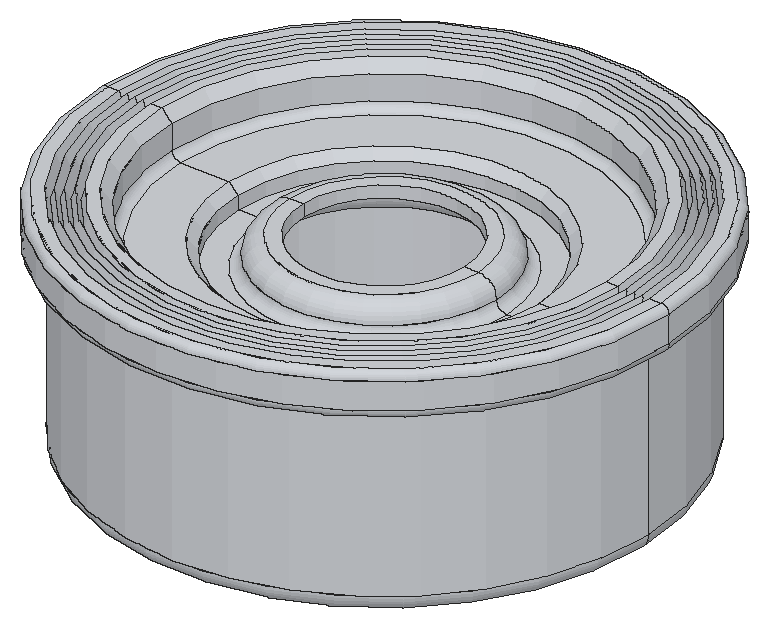
Revit family "Disc Check Valve R60WY000", category Plumbing Fixtures, Revit 2015
Reference planes
  plane 1 "Center (Front/Back)": y = 0
  plane 2: z = 0
  plane 3 "Center (Left/Right)": x = 0
  plane 4: x = -14.971
  plane 5: x = 20.003
  plane 6: x = -20
  plane 7: x = -11.423
  plane 8: x = 18.577
  plane 9: x = -7.5
  plane 10: x = 7.5
  plane 11: z = 16
Forms (mm)
  Revolve 1, solid
    sketch origin (0, 0, 3) x (1, 0, 0) y (0, 0, 1)
      loop
        line (-7.5, -0.026) -> (-9.214, -0.026)
        arc (-9.214, -0.026) -> (-9.499, -0.715) -> (-10.188, -1) r 0.974
        line (-10.188, -1) -> (-12.882, -1)
        arc (-12.882, -1) -> (-14.359, -0.388) -> (-14.971, 1.089) r 2.089
        line (-14.971, 1.089) -> (-14.971, 12.227) -> (-15.619, 13) -> (-16.417, 13) -> (-16.695, 12.22) -> (-16.972, 13) -> (-17.25, 12.22) -> (-17.528, 13) -> (-17.805, 12.22) -> (-18.083, 13) -> (-18.361, 12.22) -> (-18.639, 13) -> (-19.463, 13)
        arc (-19.463, 13) -> (-19.843, 12.843) -> (-20, 12.463) r 0.537
        line (-20, 12.463) -> (-20, 10.623)
        arc (-20, 10.623) -> (-19.818, 10.182) -> (-19.377, 10) r 0.623
        line (-19.377, 10) -> (-18.577, 10) -> (-18.577, -1.86)
        arc (-18.577, -1.86) -> (-18.327, -2.585) -> (-17.683, -3) r 1.173
        line (-17.683, -3) -> (-16.135, -3) -> (-15.857, -2.22) -> (-15.579, -3) -> (-15.302, -2.22) -> (-15.024, -3) -> (-14.746, -2.22) -> (-14.468, -3) -> (-14.191, -2.22) -> (-13.913, -3) -> (-13.635, -2.22) -> (-13.358, -3) -> (-13.08, -2.22) -> (-8.507, -2.22) -> (-7.5, -1.488) -> (-7.5, -0.026)
      axis (0, -3) -> (0, 13)
    angle from 0 to 360
  Revolve 2, solid
    sketch origin (0, 0, 3) x (1, 0, 0) y (0, 0, 1)
      loop
        line (-10.264, -1.006) -> (-10.264, 7.289) -> (-11.264, 7.289) -> (-11.264, 8.289) -> (-10.264, 8.289) -> (-10.264, 9.366) -> (-10.898, 10) -> (-14.351, 10)
        arc (-14.351, 10) -> (-14.757, 10.173) -> (-14.972, 10.559) r 0.678
        line (-14.972, 10.559) -> (-14.972, 0.784)
        arc (-14.972, 0.784) -> (-14.23, -0.5) -> (-12.837, -1.006) r 2.167
        line (-12.837, -1.006) -> (-10.264, -1.006)
      axis (0, -1.006) -> (0, 10.559)
    angle from 0 to 360
  Revolve 3, solid
    sketch origin (0, 0, 2.868) x (1, 0, 0) y (0, 0, 1)
      loop
        line (-11.264, 7.808) -> (-8.577, 7.808)
        arc (-8.577, 7.808) -> (-7.544, 8.22) -> (-7.078, 9.229) r 1.501
        arc (-7.078, 9.229) -> (-6.86, 9.599) -> (-6.455, 9.745) r 0.633
        line (-6.455, 9.745) -> (-5.672, 9.745) -> (-5.672, 10.581) -> (-6.615, 10.581)
        arc (-6.615, 10.581) -> (-7.506, 10.212) -> (-7.875, 9.31) r 1.261
        arc (-7.875, 9.31) -> (-8.081, 8.814) -> (-8.577, 8.608) r 0.701
        line (-8.577, 8.608) -> (-11.264, 8.608) -> (-11.264, 7.808)
      axis (0, 7.808) -> (0, 10.581)
    angle from 0 to 360
  Revolve 4, solid
    sketch origin (0, 0, -1.014) x (1, 0, 0) y (0, 0, 1)
      loop
        arc (-9.844, 4.789) -> (-10.244, 4.389) -> (-9.844, 3.989) r 0.4
        line (-9.844, 3.989) -> (-9.034, 3.989) -> (-9.034, 3.186) -> (-7.093, 3.186) -> (-7.093, 4.126) -> (0, 4.126) -> (0, 5.047) -> (-7.093, 5.047) -> (-7.898, 4.789) -> (-9.844, 4.789)
      axis (0, 3.186) -> (0, 5.047)
    angle from 0 to 360
Dimensions and locks
  Revolve 1 sketch curve to Revolve 1 sketch curve = 20 mm
  plane 5 to plane 6 = 40.003 mm
  plane 9 to plane 10 = 15 mm
  level to plane 11 = 16 mm
  aligned and locked: level to plane 2
